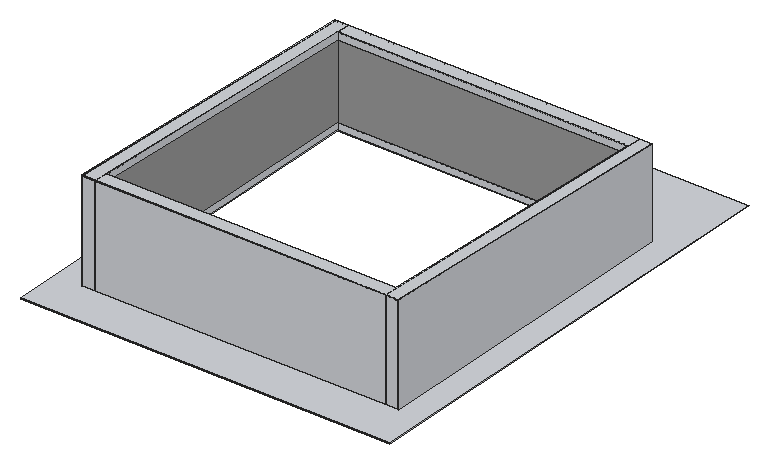
Revit family "UMB-3 (Sloped Roof)", category Mechanical Equipment, Revit 2015
Parameters
  URL = "https://unitedenertech.com/catalog/pdf/M_25%20UMB-3.pdf"
  Type Comments = "Consult Factory for Max. Sizes"
  Roof Slope (Degrees) = 2.00°
  Model = "UMB-3"
  Manufacturer = "United Enertech Corporation"
  Height = 0' - 10"
  Description = "Metal Building Roof Curb"
  B Side O.D. = 3' - 0"
  A Side O.D. = 3' - 0"
Reference planes (in)
  plane 1 "Center (Front/Back)": y = 0
  plane 2: z = 0
  plane 3 "Center (Left/Right)": x = 0
  plane 4: y = -18
  plane 5: y = -36
  plane 6: y = -34.5
  plane 7: y = -1.5
  plane 8: y = -0.0478
  plane 9: y = -1.4522
  plane 10: y = -35.9522
  plane 11: y = -34.5478
  plane 12: y = -41
  plane 13: y = 5
  plane 14: y = 10
  plane 15: x = -18
  plane 16: x = 18
  plane 17: x = -16.5
  plane 18: x = 16.5
  plane 19: x = -17.9522
  plane 20: x = -16.5478
  plane 21: x = 17.9522
  plane 22: x = 16.5478
  plane 23: x = -21
  plane 24: x = 21
  plane 25: z = 10
  plane 26: z = 4
  plane 27: z = 0.0478
  plane 28: z = 0.7978
  plane 29: z = 9.9522
  plane 30: z = 9.2022
Forms (in)
  Extrusion 1, solid
    sketch origin (0, 0, 0) x (0, 1, 0) y (0, 0, 1)
      loop
        line (10, 0.34921) -> (10, 0.39701) -> (-41, -1.38395) -> (-41, -1.43175) -> (10, 0.34921)
    from -21 to 21
  Extrusion 2, void
    sketch origin (0, 0, 0) x (1, 0, 0) y (0, 1, 0)
      loop
        line (-16.5, -34.5) -> (16.5, -34.5) -> (16.5, -1.5) -> (-16.5, -1.5) -> (-16.5, -34.5)
    from -4301.0808 to 6540.31748
  Extrusion 3, solid
    sketch origin (0, 0, 0) x (1, 0, 0) y (0, 1, 0)
      loop
        line (-18, -36) -> (18, -36) -> (18, 0) -> (-18, 0) -> (-18, -36)
      loop
        line (-16.5, -34.5) -> (16.5, -34.5) -> (16.5, -1.5) -> (-16.5, -1.5) -> (-16.5, -34.5)
    from 9.9522 to 10
  Extrusion 4, solid
    sketch origin (0, 0, 0) x (1, 0, 0) y (0, 1, 0)
      loop
        line (-16.5478, -34.5478) -> (16.5478, -34.5478) -> (16.5478, -1.4522) -> (-16.5478, -1.4522) -> (-16.5478, -34.5478)
      loop
        line (-16.5, -34.5) -> (16.5, -34.5) -> (16.5, -1.5) -> (-16.5, -1.5) -> (-16.5, -34.5)
    from 9.2022 to 9.9522
  Extrusion 5, solid
    sketch origin (0, 0, 0) x (0, 1, 0) y (0, 0, 1)
      loop
        line (-1.4522, -0.00291) -> (-1.4522, 0.74709) -> (-1.5, 0.74542) -> (-1.5, -0.00458) -> (-1.4522, -0.00291)
    from -16.5 to 16.5
  Extrusion 6, solid
    sketch origin (0, 0, 0) x (0, 1, 0) y (0, 0, 1)
      loop
        line (-34.5, -0.40697) -> (-34.5478, -0.40864) -> (-34.5478, -1.15864) -> (-34.5, -1.15697) -> (-34.5, -0.40697)
    from -16.5 to 16.5
  Extrusion 7, solid
    sketch origin (0, 0, 0) x (0, 1, 0) y (0, 0, 1)
      loop
        line (-1.4522, 0.74709) -> (-34.5478, -0.40864) -> (-34.5478, -1.15864) -> (-1.4522, -0.00291) -> (-1.4522, 0.74709)
    from -16.5478 to -16.5
  Extrusion 8, solid
    sketch origin (0, 0, 0) x (0, 1, 0) y (0, 0, 1)
      loop
        line (-1.4522, 0.74709) -> (-34.5478, -0.40864) -> (-34.5478, -1.15864) -> (-1.4522, -0.00291) -> (-1.4522, 0.74709)
    from 16.5478 to 16.5
  Extrusion 9, solid
    sketch origin (0, 0, 0) x (0, 1, 0) y (0, 0, 1)
      loop
        line (0, 0.0478) -> (0, 9.9522) -> (-0.0478, 9.9522) -> (-0.0478, 0.04613) -> (0, 0.0478)
    from -17.9522 to 17.9522
  Extrusion 10, solid
    sketch origin (0, 0, 0) x (0, 1, 0) y (0, 0, 1)
      loop
        line (-35.9522, 9.9522) -> (-36, 9.9522) -> (-36, -1.20935) -> (-35.9522, -1.20768) -> (-35.9522, 9.9522)
    from -17.9522 to 17.9522
  Extrusion 11, solid, material "Rigid insulation"
    sketch origin (0, 0, 0) x (0, 1, 0) y (0, 0, 1)
      loop
        line (-0.0478, 9.9522) -> (-1.4522, 9.9522) -> (-1.4522, -0.00291) -> (-0.0478, 0.04613) -> (-0.0478, 9.9522)
    from -16.5478 to 16.5478
  Extrusion 12, solid, material "Rigid insulation"
    sketch origin (0, 0, 0) x (0, 1, 0) y (0, 0, 1)
      loop
        line (-34.5478, -1.15864) -> (-34.5478, 9.9522) -> (-35.9522, 9.9522) -> (-35.9522, -1.20768) -> (-34.5478, -1.15864)
    from -16.5478 to 16.5478
  Extrusion 13, solid
    sketch origin (0, 0, 0) x (0, 1, 0) y (0, 0, 1)
      loop
        line (0, 9.9522) -> (-36, 9.9522) -> (-36, -1.20935) -> (0, 0.0478) -> (0, 9.9522)
    from 18 to 17.9522
  Extrusion 14, solid, material "Rigid insulation"
    sketch origin (0, 0, 0) x (0, 1, 0) y (0, 0, 1)
      loop
        line (-0.0478, 9.9522) -> (-35.9522, 9.9522) -> (-35.9522, -1.20768) -> (-0.0478, 0.04613) -> (-0.0478, 9.9522)
    from 17.9522 to 16.5478
  Extrusion 15, solid, material "Rigid insulation"
    sketch origin (0, 0, 0) x (0, 1, 0) y (0, 0, 1)
      loop
        line (-0.0478, 0.04613) -> (-0.0478, 9.9522) -> (-35.9522, 9.9522) -> (-35.9522, -1.20768) -> (-0.0478, 0.04613)
    from -17.9522 to -16.5478
  Extrusion 16, solid
    sketch origin (0, 0, 0) x (0, 1, 0) y (0, 0, 1)
      loop
        line (0, 9.9522) -> (-36, 9.9522) -> (-36, -1.20935) -> (0, 0.0478) -> (0, 9.9522)
    from -18 to -17.9522
  Blend 17, solid
    base sketch origin (0, 0, 0) x (1, 0, 0) y (0, 1, 0)
      loop
        line (-18, 0) -> (18, 0) -> (0, 5) -> (-18, 0)
    top sketch origin (0, 0, 0) x (1, 0, 0) y (0, 1, 0)
      loop
        line (0, 0) -> (0.125, 0) -> (0, 0.03349) -> (-0.125, 0) -> (0, 0)
    from 0 to 4
  Extrusion 18, void
    sketch origin (0, 0, 0) x (0, 1, 0) y (0, 0, 1)
      loop
        line (10, 0.39701) -> (-1.4522, -0.00291) -> (-1.4522, -21.52503) -> (10, -21.52503) -> (10, 0.39701)
    from -21 to 21
Cuts and joins
  Extrusion 2 cuts Extrusion 1
  Extrusion 18 cuts Blend 17
Lines and regions (in)
  reference lines
    curve 1: line (0, 0, 0) -> (0, -128.92142, -4.50204)
    curve 2: line (0, 0, 0.0478) -> (0, -117.92812, -4.07034)
    curve 3: line (0, 0, 0.7978) -> (0, -117.17857, -3.29417)
Dimensions and locks (in)
  equal spacing: plane 1 "Center (Front/Back)", plane 4, plane 5
  "B Side O.D.": plane 1 "Center (Front/Back)" to plane 5
  locked: plane 1 "Center (Front/Back)" to plane 7 at 1.5
  locked: plane 5 to plane 6 at 1.5
  locked: plane 1 "Center (Front/Back)" to plane 8 at 0.0478
  locked: plane 9 to plane 7 at 0.0478
  locked: plane 6 to plane 11 at 0.0478
  locked: plane 10 to plane 5 at 0.0478
  locked: plane 5 to plane 12 at 5
  locked: plane 1 "Center (Front/Back)" to plane 13 at 5
  locked: plane 1 "Center (Front/Back)" to plane 14 at 10
  equal spacing: plane 15, plane 3 "Center (Left/Right)", plane 16
  "A Side O.D.": plane 15 to plane 16
  locked: plane 15 to plane 17 at 1.5
  locked: plane 18 to plane 16 at 1.5
  locked: plane 15 to plane 19 at 0.0478
  locked: plane 20 to plane 17 at 0.0478
  locked: plane 18 to plane 22 at 0.0478
  locked: plane 21 to plane 16 at 0.0478
  locked: plane 23 to plane 15 at 3
  locked: plane 16 to plane 24 at 3
  locked: plane 26 to level at 4
  "Height": plane 25 to level
  locked: plane 27 to level at 0.0478
  locked: plane 28 to plane 27 at 0.75
  locked: plane 25 to plane 29 at 0.0478
  locked: plane 29 to plane 30 at 0.75
  "Roof Slope (Degrees)": angle curve 1 to level
  "Roof Slope (Degrees)": angle curve 2 to plane 27
  "Roof Slope (Degrees)": angle curve 3 to plane 28
  aligned and locked: level to plane 2
  aligned and locked: plane 1 "Center (Front/Back)" to curve 1
  aligned and locked: level to curve 1
  aligned and locked: plane 1 "Center (Front/Back)" to curve 2
  aligned and locked: plane 1 "Center (Front/Back)" to curve 3
  aligned and locked: plane 28 to curve 3
  aligned and locked: plane 27 to curve 2
  aligned and locked: Extrusion 1 sketch curve to plane 14
  aligned and locked: Extrusion 1 sketch curve to plane 12
  aligned and locked: Extrusion 1 sketch curve to curve 1
  aligned and locked: Extrusion 1 sketch curve to curve 2
  aligned and locked: Extrusion 1 to plane 23
  aligned and locked: Extrusion 1 to plane 24
  aligned and locked: Extrusion 2 sketch curve to plane 17
  aligned and locked: plane 7 to Extrusion 2 sketch curve
  aligned and locked: Extrusion 2 sketch curve to plane 18
  aligned and locked: plane 6 to Extrusion 2 sketch curve
  aligned and locked: Extrusion 3 sketch curve to plane 15
  aligned and locked: Extrusion 3 sketch curve to plane 1 "Center (Front/Back)"
  aligned and locked: Extrusion 3 sketch curve to plane 16
  aligned and locked: Extrusion 3 sketch curve to plane 5
  aligned and locked: plane 6 to Extrusion 3 sketch curve
  aligned and locked: Extrusion 3 sketch curve to plane 17
  aligned and locked: Extrusion 3 sketch curve to plane 18
  aligned and locked: plane 7 to Extrusion 3 sketch curve
  aligned and locked: plane 25 to Extrusion 3
  aligned and locked: Extrusion 3 to plane 29
  aligned and locked: plane 20 to Extrusion 4 sketch curve
  aligned and locked: Extrusion 4 sketch curve to plane 9
  aligned and locked: plane 22 to Extrusion 4 sketch curve
  aligned and locked: Extrusion 4 sketch curve to plane 11
  aligned and locked: plane 6 to Extrusion 4 sketch curve
  aligned and locked: Extrusion 4 sketch curve to plane 18
  aligned and locked: Extrusion 4 sketch curve to plane 17
  aligned and locked: plane 7 to Extrusion 4 sketch curve
  aligned and locked: plane 29 to Extrusion 4
  aligned and locked: Extrusion 4 to plane 30
  aligned and locked: curve 3 to Extrusion 5 sketch curve
  aligned and locked: cut or joined group of Extrusion 1, Extrusion 2 to Extrusion 5 sketch curve
  aligned and locked: plane 9 to Extrusion 5 sketch curve
  aligned and locked: plane 7 to Extrusion 5 sketch curve
  aligned and locked: Extrusion 5 to plane 17
  aligned and locked: Extrusion 5 to plane 18
  aligned and locked: curve 3 to Extrusion 6 sketch curve
  aligned and locked: cut or joined group of Extrusion 1, Extrusion 2 to Extrusion 6 sketch curve
  aligned and locked: plane 11 to Extrusion 6 sketch curve
  aligned and locked: plane 6 to Extrusion 6 sketch curve
  aligned and locked: Extrusion 6 to plane 18
  aligned and locked: Extrusion 6 to plane 17
  aligned and locked: Extrusion 7 sketch curve to plane 9
  aligned and locked: Extrusion 7 sketch curve to curve 3
  aligned and locked: Extrusion 7 sketch curve to cut or joined group of Extrusion 1, Extrusion 2
  aligned and locked: plane 20 to Extrusion 7
  aligned and locked: plane 17 to Extrusion 7
  aligned and locked: Extrusion 7 sketch curve to plane 11
  aligned and locked: Extrusion 8 sketch curve to plane 9
  aligned and locked: Extrusion 8 sketch curve to curve 3
  aligned and locked: curve 2 to Extrusion 8 sketch curve
  aligned and locked: Extrusion 8 sketch curve to plane 11
  aligned and locked: plane 22 to Extrusion 8
  aligned and locked: plane 18 to Extrusion 8
  aligned and locked: Extrusion 9 sketch curve to plane 29
  aligned and locked: plane 1 "Center (Front/Back)" to Extrusion 9 sketch curve
  aligned and locked: Extrusion 9 sketch curve to curve 2
  aligned and locked: plane 8 to Extrusion 9 sketch curve
  aligned and locked: Extrusion 9 to plane 19
  aligned and locked: Extrusion 9 to plane 21
  aligned and locked: plane 29 to Extrusion 10 sketch curve
  aligned and locked: Extrusion 10 sketch curve to plane 5
  aligned and locked: Extrusion 10 sketch curve to cut or joined group of Extrusion 1, Extrusion 2
  aligned and locked: Extrusion 10 sketch curve to plane 10
  aligned and locked: Extrusion 10 to plane 21
  aligned and locked: Extrusion 10 to plane 19
  aligned and locked: plane 29 to Extrusion 11 sketch curve
  aligned and locked: plane 8 to Extrusion 11 sketch curve
  aligned and locked: plane 9 to Extrusion 11 sketch curve
  aligned and locked: Extrusion 11 sketch curve to cut or joined group of Extrusion 1, Extrusion 2
  aligned and locked: plane 20 to Extrusion 11
  aligned and locked: plane 22 to Extrusion 11
  aligned and locked: Extrusion 12 sketch curve to plane 29
  aligned and locked: Extrusion 12 sketch curve to plane 10
  aligned and locked: Extrusion 12 sketch curve to plane 11
  aligned and locked: cut or joined group of Extrusion 1, Extrusion 2 to Extrusion 12 sketch curve
  aligned and locked: plane 20 to Extrusion 12
  aligned and locked: plane 22 to Extrusion 12
  aligned and locked: plane 29 to Extrusion 13 sketch curve
  aligned and locked: Extrusion 13 sketch curve to plane 1 "Center (Front/Back)"
  aligned and locked: Extrusion 13 sketch curve to plane 5
  aligned and locked: Extrusion 13 sketch curve to cut or joined group of Extrusion 1, Extrusion 2
  aligned and locked: Extrusion 13 to plane 16
  aligned and locked: plane 21 to Extrusion 13
  aligned and locked: plane 29 to Extrusion 14 sketch curve
  aligned and locked: plane 8 to Extrusion 14 sketch curve
  aligned and locked: plane 10 to Extrusion 14 sketch curve
  aligned and locked: Extrusion 14 sketch curve to cut or joined group of Extrusion 1, Extrusion 2
  aligned and locked: Extrusion 14 to plane 21
  aligned and locked: Extrusion 14 to plane 22
  aligned and locked: Extrusion 15 sketch curve to plane 29
  aligned and locked: Extrusion 15 sketch curve to plane 8
  aligned and locked: Extrusion 15 sketch curve to plane 10
  aligned and locked: cut or joined group of Extrusion 1, Extrusion 2 to Extrusion 15 sketch curve
  aligned and locked: Extrusion 15 to plane 19
  aligned and locked: Extrusion 15 to plane 20
  aligned and locked: plane 29 to Extrusion 16 sketch curve
  aligned and locked: Extrusion 16 sketch curve to plane 1 "Center (Front/Back)"
  aligned and locked: Extrusion 16 sketch curve to plane 5
  aligned and locked: Extrusion 16 sketch curve to cut or joined group of Extrusion 1, Extrusion 2
  aligned and locked: plane 19 to Extrusion 16
  aligned and locked: Extrusion 16 to plane 15
  aligned and locked: Blend 17 sketch curve to plane 1 "Center (Front/Back)"
  aligned and locked: plane 15 to Blend 17 sketch curve
  aligned and locked: plane 13 to Blend 17 sketch curve
  aligned and locked: plane 3 "Center (Left/Right)" to Blend 17 sketch curve
  aligned and locked: plane 16 to Blend 17 sketch curve
  aligned and locked: plane 26 to Blend 17
  aligned and locked: Blend 17 to level
  aligned and locked: Extrusion 18 to plane 23
  aligned and locked: Extrusion 18 to plane 24
  aligned and locked: cut or joined group of Extrusion 1, Extrusion 2 to Extrusion 18 sketch curve
Automatic sketch dimensions
  plane 1 "Center (Front/Back)" to Blend 17 sketch curve = 0' - 0"
  Blend 17 sketch curve to plane 3 "Center (Left/Right)" = 0' - 0"  (x2)
  Blend 17 sketch curve to Blend 17 sketch curve = 0' - 0 1/8"
  plane 3 "Center (Left/Right)" to Blend 17 sketch curve = 0' - 0 1/8"
  Blend 17 sketch curve to Blend 17 sketch curve = 0' - 0.03349"
  Extrusion 18 sketch curve to plane 9 = 0' - 0"
  Extrusion 18 sketch curve to plane 14 = 0' - 0"
  Extrusion 18 sketch curve to level = 1' - 9.52503"
